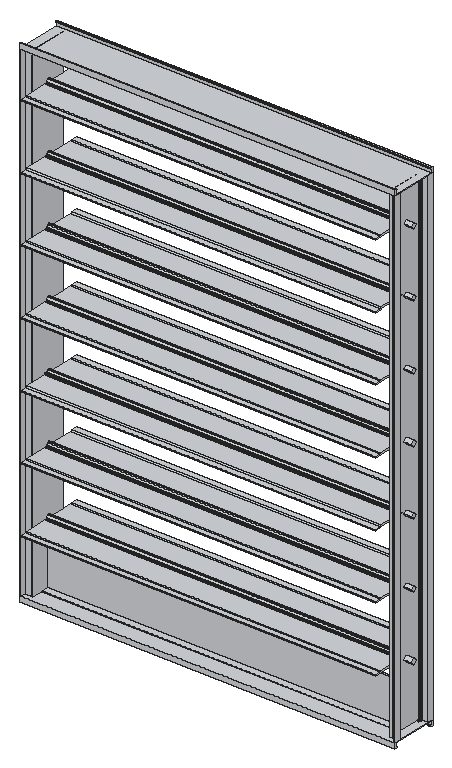
Revit family "CD-100,101", category Mechanical Equipment, Revit 2015
Parameters
  URL = "http://unitedenertech.com/catalog/pdf/A_1,%202%20CD-100,101.pdf"
  Type Comments = "Max. Single Section Size is (52\"w x 72\"h)"
  Model = "CD-100, CD-101"
  Manufacturer = "United Enertech Corporation"
  Keynote = "This model is only a representation of the product, blade position will vary from built dampers."
  Exact Width = 3' - 0"
  Exact Height = 4' - 0"
  Description = "Opposed Blade / Parallel Blade Control Damper"
  Blade Spacing = 0' - 6 1/4"
  Blade Number [instance] = rounddown((Exact Height - 0' 2 3/4") / Blade Spacing)  # 7
  BW [instance] = Exact Width - 0' 1 15/16"  # 2' - 10 1/16"
Reference planes (in)
  plane 1 "Center (Front/Back)": y = 0
  plane 2: z = 0
  plane 3 "Center (Left/Right)": x = 0
  plane 4: x = -18
  plane 5: x = 18
  plane 6: z = 48
  plane 7: z = 0.5
  plane 8: z = 47.5
  plane 9: x = -17.125
  plane 10: x = 17.125
  plane 11: z = 43.95446
Forms (in)
  Extrusion 1, solid
    sketch origin (-10.94563, 56.53311, 0) x (0, 1, 0) y (-1, 0, 0)
      loop
        line (-56.53311, 6.97437) -> (-56.07011, 6.97437) -> (-56.07011, 6.17937) -> (-52.49611, 6.17937) -> (-52.49611, 6.97437) -> (-52.03311, 6.97437) -> (-52.03311, 7.05437) -> (-52.57611, 7.05437) -> (-52.57611, 6.46516) -> (-52.61757, 6.51649) -> (-52.6794, 6.56048) -> (-52.75426, 6.58054) -> (-52.77072, 6.48933)
        arc (-52.77072, 6.48933) -> (-52.68095, 6.36712) -> (-52.81664, 6.43482) r 0.078
        line (-52.81664, 6.43482) -> (-52.90129, 6.4267) -> (-52.87778, 6.33896) -> (-52.8428, 6.29687) -> (-52.79089, 6.25937) -> (-55.76027, 6.25937) -> (-55.71053, 6.30912) -> (-55.67609, 6.36632) -> (-55.67078, 6.44579) -> (-55.75297, 6.44579)
        arc (-55.75297, 6.44579) -> (-55.87883, 6.36035) -> (-55.80226, 6.4918) r 0.078
        line (-55.80226, 6.4918) -> (-55.81534, 6.5768) -> (-55.90864, 6.5518) -> (-55.94901, 6.51604) -> (-55.99011, 6.45116) -> (-55.99011, 7.05437) -> (-56.53311, 7.05437) -> (-56.53311, 6.97437)
    from 0.5 to 47.5
  Extrusion 2, solid
    sketch origin (10.94563, 56.53311, 0) x (0, 1, 0) y (-1, 0, 0)
      loop
        line (-56.53311, -6.97437) -> (-56.53311, -7.05437) -> (-55.99011, -7.05437) -> (-55.99011, -6.45116) -> (-55.94901, -6.51604) -> (-55.90864, -6.5518) -> (-55.81534, -6.5768) -> (-55.80226, -6.4918)
        arc (-55.80226, -6.4918) -> (-55.87883, -6.36035) -> (-55.75297, -6.44579) r 0.078
        line (-55.75297, -6.44579) -> (-55.67078, -6.44579) -> (-55.67609, -6.36632) -> (-55.71053, -6.30912) -> (-55.76027, -6.25937) -> (-52.79089, -6.25937) -> (-52.8428, -6.29687) -> (-52.87778, -6.33896) -> (-52.90129, -6.4267) -> (-52.81664, -6.43482)
        arc (-52.81664, -6.43482) -> (-52.68095, -6.36712) -> (-52.77072, -6.48933) r 0.078
        line (-52.77072, -6.48933) -> (-52.75426, -6.58054) -> (-52.6794, -6.56048) -> (-52.61757, -6.51649) -> (-52.57611, -6.46516) -> (-52.57611, -7.05437) -> (-52.03311, -7.05437) -> (-52.03311, -6.97437) -> (-52.49611, -6.97437) -> (-52.49611, -6.17937) -> (-56.07011, -6.17937) -> (-56.07011, -6.97437) -> (-56.53311, -6.97437)
    from 0.5 to 47.5
  Extrusion 3, solid
    sketch origin (-23.46325, -52.03311, -12.20737) x (0, -1, 0) y (0, 0, 1)
      loop
        line (-56.34511, 12.28737) -> (-56.45311, 12.28737) -> (-56.45311, 12.62737) -> (-52.11311, 12.62737) -> (-52.11311, 12.28737) -> (-52.22111, 12.28737) -> (-52.22111, 12.20737) -> (-52.03311, 12.20737) -> (-52.03311, 12.70737) -> (-56.53311, 12.70737) -> (-56.53311, 12.20737) -> (-56.34511, 12.20737) -> (-56.34511, 12.28737)
    from -41.46325 to -5.46325
  Extrusion 4, solid
    sketch origin (-35.31788, -52.03311, 54.20737) x (0, -1, 0) y (0, 0, -1)
      loop
        line (-56.34511, 6.28737) -> (-56.45311, 6.28737) -> (-56.45311, 6.62737) -> (-52.11311, 6.62737) -> (-52.11311, 6.28737) -> (-52.22111, 6.28737) -> (-52.22111, 6.20737) -> (-52.03311, 6.20737) -> (-52.03311, 6.70737) -> (-56.53311, 6.70737) -> (-56.53311, 6.20737) -> (-56.34511, 6.20737) -> (-56.34511, 6.28737)
    from 17.31788 to 53.31788
  Extrusion 5, solid
    sketch origin (-54.80861, -46.85261, 19.59636) x (0, -1, 0) y (0, 0, -1)
      loop
        line (-49.18361, -27.40464) -> (-49.18361, -27.90364) -> (-48.43361, -27.90364) -> (-48.43361, -27.82364) -> (-49.10261, -27.82364) -> (-49.10261, -27.40464) -> (-49.18361, -27.40464)
    from 37.68361 to 71.93361
  Extrusion 6, solid
    sketch origin (0, 7.30319, -4.76393) x (0, 1, 0) y (0, 0, 1)
      loop
        line (-5.05319, 5.26393) -> (-5.05319, 9.26393) -> (-5.13572, 9.26393) -> (-5.13572, 5.34205) -> (-5.80319, 5.34205) -> (-5.80319, 5.26393) -> (-5.05319, 5.26393)
    from -17.125 to 17.125
Dimensions and locks (in)
  equal spacing: plane 4, plane 3 "Center (Left/Right)", plane 5
  "Exact Width": plane 4 to plane 5
  "Exact Height": plane 6 to level
  locked: plane 7 to level at 0.5
  locked: plane 6 to plane 8 at 0.5
  locked: plane 4 to plane 9 at 0.875
  locked: plane 10 to plane 5 at 0.875
  locked: plane 8 to plane 11 at 3.54554
  equal spacing: group 1, group 2, group 3, group 4, group 5, group 6, group 7  (x2)
  equal spacing: group 7, group 6, group 5, group 4, group 3, group 2, group 1
  "Blade Spacing": nested 1 to nested 2
  aligned and locked: level to plane 2
  aligned and locked: Extrusion 1 to plane 7
  aligned and locked: Extrusion 2 to plane 7
  aligned and locked: plane 5 to Extrusion 3
  aligned and locked: plane 4 to Extrusion 3
  aligned and locked: plane 6 to Extrusion 4
  aligned and locked: plane 5 to Extrusion 4
  aligned and locked: plane 4 to Extrusion 4
  aligned and locked: plane 8 to Extrusion 1
  aligned and locked: plane 8 to Extrusion 2
  aligned and locked: Extrusion 5 to Extrusion 4
  aligned and locked: plane 10 to Extrusion 5
  aligned and locked: Extrusion 5 to plane 9
  aligned and locked: plane 3 "Center (Left/Right)" to nested 1
  aligned and locked: plane 11 to nested 1
  aligned and locked: plane 10 to Extrusion 6
  aligned and locked: Extrusion 6 to plane 9
Automatic sketch dimensions
  plane 1 "Center (Front/Back)" to Extrusion 1 sketch curve = 0' - 0"
  Extrusion 1 sketch curve to plane 9 = 0' - 0"
  Extrusion 1 sketch curve to plane 4 = 0' - 0"  (x2)
  Extrusion 1 sketch curve to plane 4 = 0' - 0.08"  (x2)
  Extrusion 1 sketch curve to plane 1 "Center (Front/Back)" = 0' - 0.463"
  Extrusion 1 sketch curve to Extrusion 1 sketch curve = 0' - 0.08"  (x2)
  Extrusion 1 sketch curve to Extrusion 1 sketch curve = 0' - 0.0411"
  Extrusion 1 sketch curve to Extrusion 1 sketch curve = 0' - 0.04037"
  Extrusion 1 sketch curve to Extrusion 1 sketch curve = 0' - 0.08303"
  Extrusion 1 sketch curve to Extrusion 1 sketch curve = 0' - 0.0933"
  Extrusion 1 sketch curve to plane 9 = 0' - 0.31242"
  Extrusion 1 sketch curve to Extrusion 1 sketch curve = 0' - 0.02335"
  Extrusion 1 sketch curve to plane 9 = 0' - 0.08"
  Extrusion 1 sketch curve to Extrusion 1 sketch curve = 0' - 0.06534"
  Extrusion 1 sketch curve to Extrusion 1 sketch curve = 0' - 0.04929"
  Extrusion 1 sketch curve to plane 9 = 0' - 0.12974"
  Extrusion 1 sketch curve to Extrusion 1 sketch curve = 0' - 0.04974"
  Extrusion 1 sketch curve to plane 9 = 0' - 0.18694"
  Extrusion 1 sketch curve to Extrusion 1 sketch curve = 0' - 0.03444"
  Extrusion 1 sketch curve to Extrusion 1 sketch curve = 0' - 0.00531"
  Extrusion 1 sketch curve to plane 9 = 0' - 0.24733"
  Extrusion 1 sketch curve to Extrusion 1 sketch curve = 0' - 2.76949"
  Extrusion 1 sketch curve to plane 9 = 0' - 0.15959"
  Extrusion 1 sketch curve to Extrusion 1 sketch curve = 0' - 0.02351"
  Extrusion 1 sketch curve to plane 9 = 0' - 0.11749"
  Extrusion 1 sketch curve to Extrusion 1 sketch curve = 0' - 0.03498"
  Extrusion 1 sketch curve to plane 9 = 0' - 0.25544"
  Extrusion 1 sketch curve to Extrusion 1 sketch curve = 0' - 0.08465"
  Extrusion 1 sketch curve to Extrusion 1 sketch curve = 0' - 0.05191"
  Extrusion 1 sketch curve to plane 9 = 0' - 0.30996"
  Extrusion 1 sketch curve to Extrusion 1 sketch curve = 0' - 0.04592"
  Extrusion 1 sketch curve to plane 9 = 0' - 0.40116"
  Extrusion 1 sketch curve to Extrusion 1 sketch curve = 0' - 0.01646"
  Extrusion 1 sketch curve to Extrusion 1 sketch curve = 0' - 0.03011"
  Extrusion 1 sketch curve to plane 9 = 0' - 0.3811"
  Extrusion 1 sketch curve to Extrusion 1 sketch curve = 0' - 0.07486"
  Extrusion 1 sketch curve to plane 9 = 0' - 0.33712"
  Extrusion 1 sketch curve to Extrusion 1 sketch curve = 0' - 0.06183"
  Extrusion 1 sketch curve to Extrusion 1 sketch curve = 0' - 0.04146"
  Extrusion 1 sketch curve to Extrusion 1 sketch curve = 0' - 0.463"
  Extrusion 1 sketch curve to Extrusion 1 sketch curve = 0' - 0.07442"
  Extrusion 1 sketch curve to Extrusion 1 sketch curve = 0' - 0.03378"
  Extrusion 1 sketch curve to Extrusion 1 sketch curve = 0' - 0.05133"
  Extrusion 1 sketch curve to Extrusion 1 sketch curve = 0' - 0.06488"
  Extrusion 1 sketch curve to Extrusion 1 sketch curve = 0' - 0.03576"
  Extrusion 1 sketch curve to Extrusion 1 sketch curve = 0' - 0.085"
  plane 1 "Center (Front/Back)" to Extrusion 2 sketch curve = 0' - 0"
  Extrusion 2 sketch curve to plane 10 = 0' - 0"
  Extrusion 2 sketch curve to plane 5 = 0' - 0"  (x2)
  plane 5 to Extrusion 2 sketch curve = 0' - 0.08"  (x2)
  Extrusion 2 sketch curve to Extrusion 2 sketch curve = 0' - 0.463"  (x2)
  Extrusion 2 sketch curve to Extrusion 2 sketch curve = 0' - 0.08"  (x2)
  Extrusion 2 sketch curve to Extrusion 2 sketch curve = 0' - 0.0411"
  Extrusion 2 sketch curve to Extrusion 2 sketch curve = 0' - 0.04037"
  Extrusion 2 sketch curve to Extrusion 2 sketch curve = 0' - 0.08303"
  Extrusion 2 sketch curve to Extrusion 2 sketch curve = 0' - 0.0933"
  Extrusion 2 sketch curve to plane 10 = 0' - 0.31242"
  Extrusion 2 sketch curve to Extrusion 2 sketch curve = 0' - 0.02335"
  Extrusion 2 sketch curve to plane 10 = 0' - 0.08"
  Extrusion 2 sketch curve to Extrusion 2 sketch curve = 0' - 0.06534"
  Extrusion 2 sketch curve to Extrusion 2 sketch curve = 0' - 0.04929"
  Extrusion 2 sketch curve to plane 10 = 0' - 0.12974"
  Extrusion 2 sketch curve to Extrusion 2 sketch curve = 0' - 0.04974"
  Extrusion 2 sketch curve to plane 10 = 0' - 0.18694"
  Extrusion 2 sketch curve to Extrusion 2 sketch curve = 0' - 0.03444"
  Extrusion 2 sketch curve to Extrusion 2 sketch curve = 0' - 0.00531"
  Extrusion 2 sketch curve to plane 10 = 0' - 0.24733"
  Extrusion 2 sketch curve to Extrusion 2 sketch curve = 0' - 2.76949"
  Extrusion 2 sketch curve to plane 10 = 0' - 0.15959"
  Extrusion 2 sketch curve to Extrusion 2 sketch curve = 0' - 0.02351"
  Extrusion 2 sketch curve to plane 10 = 0' - 0.11749"
  Extrusion 2 sketch curve to Extrusion 2 sketch curve = 0' - 0.03498"
  Extrusion 2 sketch curve to plane 10 = 0' - 0.25544"
  Extrusion 2 sketch curve to Extrusion 2 sketch curve = 0' - 0.08465"
  Extrusion 2 sketch curve to Extrusion 2 sketch curve = 0' - 0.05191"
  Extrusion 2 sketch curve to plane 10 = 0' - 0.30996"
  Extrusion 2 sketch curve to Extrusion 2 sketch curve = 0' - 0.04592"
  Extrusion 2 sketch curve to plane 10 = 0' - 0.40116"
  Extrusion 2 sketch curve to Extrusion 2 sketch curve = 0' - 0.01646"
  Extrusion 2 sketch curve to Extrusion 2 sketch curve = 0' - 0.07602"
  Extrusion 2 sketch curve to plane 10 = 0' - 0.3811"
  Extrusion 2 sketch curve to Extrusion 2 sketch curve = 0' - 0.07486"
  Extrusion 2 sketch curve to plane 10 = 0' - 0.33712"
  Extrusion 2 sketch curve to Extrusion 2 sketch curve = 0' - 0.06183"
  Extrusion 2 sketch curve to Extrusion 2 sketch curve = 0' - 0.04146"
  Extrusion 2 sketch curve to Extrusion 2 sketch curve = 0' - 0.07442"
  Extrusion 2 sketch curve to Extrusion 2 sketch curve = 0' - 0.03378"
  Extrusion 2 sketch curve to Extrusion 2 sketch curve = 0' - 0.05133"
  Extrusion 2 sketch curve to Extrusion 2 sketch curve = 0' - 0.06488"
  Extrusion 2 sketch curve to Extrusion 2 sketch curve = 0' - 0.03576"
  Extrusion 2 sketch curve to Extrusion 2 sketch curve = 0' - 0.085"
  Extrusion 3 sketch curve to level = 0' - 0"  (x2)
  Extrusion 3 sketch curve to plane 7 = 0' - 0"
  Extrusion 3 sketch curve to plane 1 "Center (Front/Back)" = 0' - 0"
  Extrusion 3 sketch curve to plane 1 "Center (Front/Back)" = 0' - 0.08"
  Extrusion 3 sketch curve to Extrusion 3 sketch curve = 0' - 0.108"  (x2)
  Extrusion 3 sketch curve to Extrusion 3 sketch curve = 0' - 4.124"
  Extrusion 3 sketch curve to plane 7 = 0' - 0.08"
  Extrusion 3 sketch curve to Extrusion 3 sketch curve = 0' - 0.08"
  level to Extrusion 3 sketch curve = 0' - 0.08"  (x2)
  plane 8 to Extrusion 4 sketch curve = 0' - 0"
  Extrusion 4 sketch curve to plane 6 = 0' - 0"  (x2)
  Extrusion 4 sketch curve to plane 1 "Center (Front/Back)" = 0' - 0"
  Extrusion 4 sketch curve to plane 1 "Center (Front/Back)" = 0' - 0.08"
  Extrusion 4 sketch curve to Extrusion 4 sketch curve = 0' - 0.108"  (x2)
  Extrusion 4 sketch curve to plane 6 = 0' - 0.08"  (x2)
  Extrusion 4 sketch curve to Extrusion 4 sketch curve = 0' - 4.124"
  Extrusion 4 sketch curve to Extrusion 4 sketch curve = 0' - 0.08"
  plane 8 to Extrusion 4 sketch curve = 0' - 0.08"
  plane 7 to Extrusion 5 sketch curve = 3' - 11"
  Extrusion 5 sketch curve to plane 1 "Center (Front/Back)" = 0' - 2.331"
  Extrusion 5 sketch curve to Extrusion 5 sketch curve = 0' - 0.081"
  Extrusion 5 sketch curve to Extrusion 5 sketch curve = 0' - 0.669"
  Extrusion 5 sketch curve to Extrusion 5 sketch curve = 0' - 0.08"
  Extrusion 5 sketch curve to Extrusion 5 sketch curve = 0' - 0.419"
  Extrusion 6 sketch curve to plane 1 "Center (Front/Back)" = 0' - 2.16746"
  Extrusion 6 sketch curve to Extrusion 6 sketch curve = 0' - 0.08254"
  Extrusion 6 sketch curve to Extrusion 6 sketch curve = 0' - 0 5/64"
  Extrusion 6 sketch curve to Extrusion 6 sketch curve = 0' - 3 59/64"
  Extrusion 6 sketch curve to Extrusion 6 sketch curve = 0' - 0.66746"
  Extrusion 6 sketch curve to plane 7 = 0' - 0"
Nested families (in)
  nested 1: "CDBLADE" at (0, -2.64852, 38.0092), type "CDBLADE"
    with Blade Width 2' - 10 1/16"
  nested 2: "CDBLADE" at (0, -2.64852, 31.7592), type "CDBLADE"
    with Blade Width 2' - 10 1/16"
  nested 3: "CDBLADE" at (0, -2.64852, 25.5092), type "CDBLADE"
    with Blade Width 2' - 10 1/16"
  nested 4: "CDBLADE" at (0, -2.64852, 19.2592), type "CDBLADE"
    with Blade Width 2' - 10 1/16"
  nested 5: "CDBLADE" at (0, -2.64852, 13.0092), type "CDBLADE"
    with Blade Width 2' - 10 1/16"
  nested 6: "CDBLADE" at (0, -2.64852, 6.7592), type "CDBLADE"
    with Blade Width 2' - 10 1/16"
  nested 7: "CDBLADE" at (0, -2.64852, 0.5092), type "CDBLADE"
    with Blade Width 2' - 10 1/16"
Definition of nested family "CDBLADE"
  Parameters (values of type "CDBLADE")
    Blade Width = 2' - 0"
  Reference planes (in)
    plane 1 "Center (Front/Back)": y = 0
    plane 2: z = 0
    plane 3 "Center (Left/Right)": x = 0
    plane 4: x = -12
    plane 5: x = 12
    plane 6: x = 13
    plane 7: x = 10
    plane 8: x = -10
    plane 9: x = -13
  Forms (in)
    Extrusion 1, solid
      sketch origin (-4.01787, 39.3726, 0.84574) x (0, 1, 0) y (0, 0, 1)
        loop
          line (-34.73332, 5.15315) -> (-34.47458, 4.89351) -> (-34.21494, 5.15234) -> (-34.47408, 5.41148) -> (-34.73332, 5.15315)
      from 14.01787 to 17.01787
    Extrusion 2, solid
      sketch origin (-4.01787, -27.59093, -0.63909) x (0, -1, 0) y (0, 0, -1)
        loop
          line (-35.80383, -6.69185) -> (-35.80383, -6.77356) -> (-35.19434, -6.77356) -> (-35.13423, -6.68767) -> (-32.97747, -6.69982) -> (-32.83541, -6.72864) -> (-32.73109, -6.79397) -> (-32.56192, -6.96162) -> (-32.49539, -6.99587) -> (-32.43982, -6.98181) -> (-32.38723, -6.93174) -> (-32.25542, -6.79981) -> (-32.17789, -6.744) -> (-32.09104, -6.71015) -> (-31.98943, -6.69867) -> (-29.80199, -6.67883) -> (-29.73737, -6.58434) -> (-29.17594, -6.58434) -> (-29.17594, -6.49977) -> (-29.78569, -6.49977) -> (-29.84356, -6.5857) -> (-32.02043, -6.57341) -> (-32.24214, -6.52605) -> (-32.26394, -6.60365) -> (-32.23071, -6.63677) -> (-32.48945, -6.89631) -> (-32.74909, -6.63757) -> (-32.49035, -6.37794) -> (-32.41459, -6.45346) -> (-32.34512, -6.38399) -> (-32.42473, -6.30635) -> (-32.5126, -6.28231) -> (-32.57292, -6.32333) -> (-32.71384, -6.46424) -> (-32.7897, -6.52327) -> (-32.8836, -6.56221) -> (-32.98369, -6.5746) -> (-35.17817, -6.59456) -> (-35.24451, -6.69185) -> (-35.80383, -6.69185)
      from -7.98213 to 16.01787
    Extrusion 3, solid
      sketch origin (-13.76787, -29.57556, 0.84574) x (0, -1, 0) y (0, 0, -1)
        loop
          line (-34.73332, -5.15315) -> (-34.47408, -5.41148) -> (-34.21494, -5.15234) -> (-34.47458, -4.89351) -> (-34.73332, -5.15315)
      from 0.76787 to 3.76787
  Dimensions and locks (in)
    equal spacing: plane 4, plane 3 "Center (Left/Right)", plane 5
    "Blade Width": plane 4 to plane 5
    locked: plane 9 to plane 4 at 1
    locked: plane 4 to plane 8 at 2
    locked: plane 7 to plane 5 at 2
    locked: plane 5 to plane 6 at 1
    aligned and locked: level to plane 2
    aligned and locked: Extrusion 1 to plane 6
    aligned and locked: plane 7 to Extrusion 1
    aligned and locked: plane 9 to Extrusion 3
    aligned and locked: Extrusion 3 to plane 8
    aligned and locked: plane 5 to Extrusion 2
    aligned and locked: plane 4 to Extrusion 2
  Automatic sketch dimensions
    Extrusion 1 sketch curve to plane 1 "Center (Front/Back)" = 0' - 4.63929"
    Extrusion 1 sketch curve to Extrusion 1 sketch curve = 0' - 0.25873"
    Extrusion 1 sketch curve to Extrusion 1 sketch curve = 0' - 0.25923"
    Extrusion 1 sketch curve to Extrusion 1 sketch curve = 0' - 0.25914"
    level to Extrusion 1 sketch curve = 0' - 5.73925"
    Extrusion 1 sketch curve to Extrusion 1 sketch curve = 0' - 0.25883"
    Extrusion 1 sketch curve to Extrusion 1 sketch curve = 0' - 0.25964"
    Extrusion 2 sketch curve to plane 1 "Center (Front/Back)" = 0' - 8.2129"
    Extrusion 2 sketch curve to Extrusion 2 sketch curve = 0' - 0.55932"
    Extrusion 2 sketch curve to Extrusion 2 sketch curve = 0' - 0.05017"
    Extrusion 2 sketch curve to Extrusion 2 sketch curve = 0' - 0.06634"
    Extrusion 2 sketch curve to Extrusion 2 sketch curve = 0' - 0.04394"
    Extrusion 2 sketch curve to Extrusion 2 sketch curve = 0' - 2.15054"
    Extrusion 2 sketch curve to Extrusion 2 sketch curve = 0' - 0.00621"
    Extrusion 2 sketch curve to Extrusion 2 sketch curve = 0' - 0.10009"
    Extrusion 2 sketch curve to Extrusion 2 sketch curve = 0' - 0.14206"
    Extrusion 2 sketch curve to Extrusion 2 sketch curve = 0' - 0.0939"
    Extrusion 2 sketch curve to Extrusion 2 sketch curve = 0' - 0.04061"
    Extrusion 2 sketch curve to Extrusion 2 sketch curve = 0' - 0.10431"
    Extrusion 2 sketch curve to Extrusion 2 sketch curve = 0' - 0.07586"
    Extrusion 2 sketch curve to Extrusion 2 sketch curve = 0' - 0.14092"
    Extrusion 2 sketch curve to Extrusion 2 sketch curve = 0' - 0.16917"
    Extrusion 2 sketch curve to Extrusion 2 sketch curve = 0' - 0.06032"
    Extrusion 2 sketch curve to Extrusion 2 sketch curve = 0' - 0.06653"
    Extrusion 2 sketch curve to Extrusion 2 sketch curve = 0' - 0.02225"
    Extrusion 2 sketch curve to Extrusion 2 sketch curve = 0' - 0.07248"
    Extrusion 2 sketch curve to Extrusion 2 sketch curve = 0' - 0.05557"
    Extrusion 2 sketch curve to Extrusion 2 sketch curve = 0' - 0.08788"
    Extrusion 2 sketch curve to Extrusion 2 sketch curve = 0' - 0.07576"
    Extrusion 2 sketch curve to Extrusion 2 sketch curve = 0' - 0.0526"
    Extrusion 2 sketch curve to Extrusion 2 sketch curve = 0' - 0.06947"  (x2)
    Extrusion 2 sketch curve to Extrusion 2 sketch curve = 0' - 0.15066"
    Extrusion 2 sketch curve to Extrusion 2 sketch curve = 0' - 0.1318"
    Extrusion 2 sketch curve to Extrusion 2 sketch curve = 0' - 0.0218"
    Extrusion 2 sketch curve to Extrusion 2 sketch curve = 0' - 0.03322"
    Extrusion 2 sketch curve to Extrusion 2 sketch curve = 0' - 0.07753"
    Extrusion 2 sketch curve to Extrusion 2 sketch curve = 0' - 0.08685"
    Extrusion 2 sketch curve to Extrusion 2 sketch curve = 0' - 0.0706"
    Extrusion 2 sketch curve to Extrusion 2 sketch curve = 0' - 0.1016"
    Extrusion 2 sketch curve to Extrusion 2 sketch curve = 0' - 2.14587"
    Extrusion 2 sketch curve to Extrusion 2 sketch curve = 0' - 0.04157"
    Extrusion 2 sketch curve to Extrusion 2 sketch curve = 0' - 0.05787"
    Extrusion 2 sketch curve to Extrusion 2 sketch curve = 0' - 0.04833"
    Extrusion 2 sketch curve to Extrusion 2 sketch curve = 0' - 0.56142"
    level to Extrusion 2 sketch curve = 0' - 6.35678"
    Extrusion 2 sketch curve to Extrusion 2 sketch curve = 0' - 0.01406"
    Extrusion 2 sketch curve to Extrusion 2 sketch curve = 0' - 0.03425"
    Extrusion 2 sketch curve to Extrusion 2 sketch curve = 0' - 0.05007"
    Extrusion 2 sketch curve to Extrusion 2 sketch curve = 0' - 0.06531"
    Extrusion 2 sketch curve to Extrusion 2 sketch curve = 0' - 0.13193"
    Extrusion 2 sketch curve to Extrusion 2 sketch curve = 0' - 0.16765"
    Extrusion 2 sketch curve to Extrusion 2 sketch curve = 0' - 0.02041"
    Extrusion 2 sketch curve to Extrusion 2 sketch curve = 0' - 0.05581"
    Extrusion 2 sketch curve to Extrusion 2 sketch curve = 0' - 0.06533"
    Extrusion 2 sketch curve to Extrusion 2 sketch curve = 0' - 0.03385"
    Extrusion 2 sketch curve to Extrusion 2 sketch curve = 0' - 0.02882"
    Extrusion 2 sketch curve to Extrusion 2 sketch curve = 0' - 0.01149"
    Extrusion 2 sketch curve to Extrusion 2 sketch curve = 0' - 0.08171"
    Extrusion 2 sketch curve to Extrusion 2 sketch curve = 0' - 0.08589"
    Extrusion 2 sketch curve to Extrusion 2 sketch curve = 0' - 0.01983"
    Extrusion 2 sketch curve to Extrusion 2 sketch curve = 0' - 0.09106"
    Extrusion 2 sketch curve to Extrusion 2 sketch curve = 0' - 0.10723"
    Extrusion 2 sketch curve to Extrusion 2 sketch curve = 0' - 0.03312"
    Extrusion 2 sketch curve to Extrusion 2 sketch curve = 0' - 0.09311"
    Extrusion 2 sketch curve to Extrusion 2 sketch curve = 0' - 0.09314"
    Extrusion 2 sketch curve to Extrusion 2 sketch curve = 0' - 0.09449"
    Extrusion 2 sketch curve to Extrusion 2 sketch curve = 0' - 0.12522"
    Extrusion 2 sketch curve to Extrusion 2 sketch curve = 0' - 0.12526"
    Extrusion 2 sketch curve to Extrusion 2 sketch curve = 0' - 0.01239"
    Extrusion 2 sketch curve to Extrusion 2 sketch curve = 0' - 0.0776"
    Extrusion 2 sketch curve to Extrusion 2 sketch curve = 0' - 0.03894"
    Extrusion 2 sketch curve to Extrusion 2 sketch curve = 0' - 0.08457"
    Extrusion 2 sketch curve to Extrusion 2 sketch curve = 0' - 0.05902"
    Extrusion 2 sketch curve to Extrusion 2 sketch curve = 0' - 0.07552"
    Extrusion 2 sketch curve to Extrusion 2 sketch curve = 0' - 0.05461"
    Extrusion 2 sketch curve to Extrusion 2 sketch curve = 0' - 0.07159"
    Extrusion 2 sketch curve to Extrusion 2 sketch curve = 0' - 0.04101"
    Extrusion 3 sketch curve to plane 1 "Center (Front/Back)" = 0' - 5.15775"
    Extrusion 3 sketch curve to Extrusion 3 sketch curve = 0' - 0.25873"
    Extrusion 3 sketch curve to Extrusion 3 sketch curve = 0' - 0.25923"
    Extrusion 3 sketch curve to Extrusion 3 sketch curve = 0' - 0.25914"  (x2)
    level to Extrusion 3 sketch curve = 0' - 6.25722"
    Extrusion 3 sketch curve to Extrusion 3 sketch curve = 0' - 0.25833"
